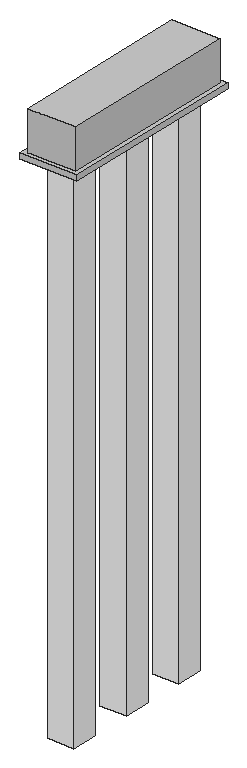
Revit family "BS_FM_Đài Móng - 3 cọc", category Structural Foundations, Revit 2019
Family settings
  Material for Model Behavior = Concrete
  Cap = No
  OmniClass Number = 23.25.05.11
  OmniClass Title = Foundation Piles
  Work Plane-Based = No
  Always vertical = Yes
  Cut with Voids When Loaded = No
  Shared = No
Parameters (values of type "1000 x 1000 x 900mm")
  h_BaoVe [instance] = 120 mm
  a2_BaoVe [instance] = 100 mm
  a1_BaoVe [instance] = 100 mm
  Width = 2 * KhoangCachMepCoc + Diameter  # 1100 mm
  Structural Material [instance] = Concrete, Cast-in-Place gray
  Length = 2 * KhoangCach2TimCoc + 2 * KhoangCachMepCoc + Diameter  # 4100 mm
  KhoangCachMepCoc = 250 mm
  KhoangCach2TimCoc = HeSoCoc * Diameter  # 1500 mm
  HeSoCoc = 2.5
  Foundation Thickness = 900 mm
  Diameter = 600 mm
  Depth = 12000 mm
  Cut-off = 150 mm
  BS_Cọc Vuông = yes
  BS_Cọc Tròn = no
  BS_BeTongMong = @BS-BeTongCotThep
  BS_BeTongLot = @BS-BeTong
  BS_BeTongCoc = Steel, 45-345
  Assembly Code = "A1010130"
Reference planes
  plane 1 "Center (Front/Back)": y = 0
  plane 2: z = 0
  plane 3 "Center (Left/Right)": x = 0
  plane 4: x = -550
  plane 5: x = 550
  plane 6: y = 2050
  plane 7: y = -2050
  plane 8: z = -900
  plane 9: z = -750
  plane 10: z = -1020
  plane 11: y = 1500
  plane 12: y = -1500
Forms (mm)
  Extrusion 1, solid, material "@BS-BeTongCotThep" <- "BS_BeTongMong"
    sketch origin (0, 0, 0) x (1, 0, 0) y (0, 1, 0)
      loop
        line (-550, 2050) -> (-550, -2050) -> (550, -2050) -> (550, 2050) -> (-550, 2050)
    from -900 to 0
  Extrusion 2, solid, material "@BS-BeTong" <- "BS_BeTongLot"
    sketch origin (0, 0, 0) x (1, 0, 0) y (0, 1, 0)
      loop
        line (-650, 2150) -> (-650, -2150) -> (650, -2150) -> (650, 2150) -> (-650, 2150)
    from -1020 to -900
Dimensions and locks
  "Width": plane 4 to plane 5
  equal spacing: plane 4, plane 3 "Center (Left/Right)", plane 5
  "Foundation Thickness": plane 2 to plane 8
  "Cut-off": plane 9 to plane 8
  "a2_BaoVe": plane 7 to Extrusion 2 sketch curve
  "a2_BaoVe": Extrusion 2 sketch curve to plane 6
  "a1_BaoVe": Extrusion 2 sketch curve to plane 4
  "a1_BaoVe": Extrusion 1 to Extrusion 2 sketch curve
  "h_BaoVe": plane 10 to plane 8
  equal spacing: plane 11, plane 1 "Center (Front/Back)", plane 12
  equal spacing: plane 7, plane 1 "Center (Front/Back)", plane 6
  "Length": plane 6 to plane 7
  "KhoangCach2TimCoc": plane 1 "Center (Front/Back)" to plane 11
  aligned and locked: Extrusion 1 sketch curve to plane 4
  aligned and locked: Extrusion 1 sketch curve to plane 5
  aligned and locked: Extrusion 1 sketch curve to plane 6
  aligned and locked: plane 7 to Extrusion 1 sketch curve
  aligned and locked: level to Extrusion 1
  aligned and locked: Extrusion 1 to plane 8
  aligned and locked: Extrusion 2 to Extrusion 1
  aligned and locked: Extrusion 2 to plane 10
  aligned and locked: nested 1 to plane 11
  aligned and locked: plane 3 "Center (Left/Right)" to nested 1
  aligned and locked: nested 2 to plane 12
  aligned and locked: nested 2 to plane 3 "Center (Left/Right)"
  aligned and locked: nested 4 to plane 12
  aligned and locked: nested 3 to plane 11
  aligned and locked: plane 3 "Center (Left/Right)" to nested 3
  aligned and locked: nested 4 to plane 3 "Center (Left/Right)"
  aligned and locked: plane 8 to nested 3
  aligned and locked: plane 8 to nested 1
  aligned and locked: plane 8 to nested 4
  aligned and locked: plane 8 to nested 2
  aligned and locked: plane 1 "Center (Front/Back)" to nested 5
  aligned and locked: plane 3 "Center (Left/Right)" to nested 5
  aligned and locked: plane 1 "Center (Front/Back)" to nested 6
  aligned and locked: plane 3 "Center (Left/Right)" to nested 6
  aligned and locked: plane 8 to nested 6
  aligned and locked: plane 8 to nested 5
Nested families
  nested 1: "BS_FM_Pile-Cọc Tròn" at (0, 1500, -900), Minimum Embedment <- "Cut-off", Diameter <- "Diameter", Depth <- "Depth", Structural Material <- "BS_BeTongCoc", visible <- "BS_Cọc Tròn", type "300mm Diameter"
    with Structural Material Steel, 45-345, Radius 300 mm, Minimum Embedment 150 mm, Diameter 600 mm, Depth 12000 mm
  nested 2: "BS_FM_Pile-Cọc Tròn" at (0, -1500, -900), Minimum Embedment <- "Cut-off", Diameter <- "Diameter", Depth <- "Depth", Structural Material <- "BS_BeTongCoc", visible <- "BS_Cọc Tròn", type "300mm Diameter"
    with Structural Material Steel, 45-345, Radius 300 mm, Minimum Embedment 150 mm, Diameter 600 mm, Depth 12000 mm
  nested 3: "BS_FM_Pile-Cọc Vuông" at (0, 1500, -900), Minimum Embedment <- "Cut-off", Diameter <- "Diameter", Depth <- "Depth", Structural Material <- "BS_BeTongCoc", visible <- "BS_Cọc Vuông", type "250mm Diameter"
    with Structural Material Steel, 45-345, Radius 300 mm, Minimum Embedment 150 mm, Diameter 600 mm, Depth 12000 mm
  nested 4: "BS_FM_Pile-Cọc Vuông" at (0, -1500, -900), Minimum Embedment <- "Cut-off", Diameter <- "Diameter", Depth <- "Depth", Structural Material <- "BS_BeTongCoc", visible <- "BS_Cọc Vuông", type "250mm Diameter"
    with Structural Material Steel, 45-345, Radius 300 mm, Minimum Embedment 150 mm, Diameter 600 mm, Depth 12000 mm
  nested 5: "BS_FM_Pile-Cọc Vuông" at (0, 0, -900), Minimum Embedment <- "Cut-off", Diameter <- "Diameter", Depth <- "Depth", Structural Material <- "BS_BeTongCoc", visible <- "BS_Cọc Vuông", type "250mm Diameter"
    with Structural Material Steel, 45-345, Radius 300 mm, Minimum Embedment 150 mm, Diameter 600 mm, Depth 12000 mm
  nested 6: "BS_FM_Pile-Cọc Tròn" at (0, 0, -900), Minimum Embedment <- "Cut-off", Diameter <- "Diameter", Depth <- "Depth", Structural Material <- "BS_BeTongCoc", visible <- "BS_Cọc Tròn", type "300mm Diameter"
    with Structural Material Steel, 45-345, Radius 300 mm, Minimum Embedment 150 mm, Diameter 600 mm, Depth 12000 mm
Definition of nested family "BS_FM_Pile-Cọc Tròn"
  Parameters (values of type "600mm Diameter")
    Structural Material [instance] = none
    Radius [instance] = Diameter / 2  # 300 mm
    Minimum Embedment [instance] = 152 mm
    Diameter [instance] = 600 mm
    Depth [instance] = 6000 mm
    Assembly Code = "A1020130"
  Types (4): name
    600mm Diameter
    300mm Diameter
    400mm Diameter
    500mm Diameter
  Reference planes
    plane 1 "Center (Front/Back)": y = 0
    plane 2: z = 0
    plane 3 "Center (Left/Right)": x = 0
    plane 4: z = -6000
    plane 5: z = 152
  Forms (mm)
    Extrusion 1, solid, material <- "Structural Material"
      sketch origin (0, 0, 0) x (1, 0, 0) y (0, 1, 0)
        loop
          circle (0, 0) r 300
      from -6000 to 152
  Dimensions and locks
    "Depth": plane 2 to plane 4
    "Minimum Embedment": plane 5 to plane 2
    "Radius": radius of Extrusion 1 sketch curve
    aligned and locked: Extrusion 1 to plane 4
    aligned and locked: Extrusion 1 to plane 5
    aligned and locked: plane 1 "Center (Front/Back)" to nested 1
    aligned and locked: plane 3 "Center (Left/Right)" to nested 1
  Automatic sketch dimensions
    plane 1 "Center (Front/Back)" to Extrusion 1 sketch curve = 0 mm
    Extrusion 1 sketch curve to plane 3 "Center (Left/Right)" = 0 mm
  Nested families
    nested 1: "BS_LINE_TimCoc" at (0, 0, 0), type "BS_LINE_TimCoc"
      with LINE 700 mm, DK 600 mm
  Definition of nested family "BS_LINE_TimCoc"
    Parameters (values of type "BS_LINE_TimCoc")
      LINE = DK + 100 mm  # 780 mm
      DK = 680 mm
    Reference planes
      plane 1 "Center (Front/Back)": y = 0
      plane 2: z = 0
      plane 3 "Center (Left/Right)": x = 0
    Lines and regions (mm)
      detail lines, in view "Ref. Level", not visible
        curve 1: circle (0, 0, 0) r 340 normal (0, 0, 1)
      detail lines, in view "Ref. Level"
        curve 2: line (-390, 0, 0) -> (390, 0, 0)
        curve 3: line (0, 390, 0) -> (0, -390, 0)
    Dimensions and locks
      equal spacing: curve 2, plane 3 "Center (Left/Right)", curve 2
      equal spacing: curve 3, plane 1 "Center (Front/Back)", curve 3
      "LINE": curve 3 to curve 3
      "LINE": curve 2 to curve 2
      "DK": diameter of curve 1
    Automatic sketch dimensions
      curve 3 to plane 3 "Center (Left/Right)" = 0 mm
      plane 1 "Center (Front/Back)" to curve 1 = 0 mm
      curve 1 to plane 3 "Center (Left/Right)" = 0 mm
      plane 1 "Center (Front/Back)" to curve 2 = 0 mm
Definition of nested family "BS_FM_Pile-Cọc Vuông"
  Parameters (values of type "600mm Diameter")
    Structural Material [instance] = none
    Radius [instance] = Diameter / 2  # 125 mm
    Minimum Embedment [instance] = 150 mm
    Diameter [instance] = 250 mm
    Depth [instance] = 6000 mm
    Assembly Code = "A1020130"
  Types (6, lengths in mm): name | Radius | Diameter
    600mm Diameter | 125 | 250
    200mm Diameter | 300 | 600
    250mm Diameter | 300 | 600
    300mm Diameter | 300 | 600
    400mm Diameter | 300 | 600
    500mm Diameter | 300 | 600
  Reference planes
    plane 1 "Center (Front/Back)": y = 0
    plane 2: z = 0
    plane 3 "Center (Left/Right)": x = 0
    plane 4: z = -6000
    plane 5: z = 150
  Forms (mm)
    Extrusion 1, solid, material <- "Structural Material"
      sketch origin (0, 0, 0) x (1, 0, 0) y (0, 1, 0)
        loop
          line (-125, -125) -> (125, -125) -> (125, 125) -> (-125, 125) -> (-125, -125)
      from -6000 to 150
  Dimensions and locks
    "Depth": plane 2 to plane 4
    "Minimum Embedment": plane 5 to plane 2
    equal spacing: Extrusion 1 sketch curve, plane 3 "Center (Left/Right)", Extrusion 1 sketch curve
    "Diameter": Extrusion 1 sketch curve to Extrusion 1 sketch curve  (x2)
    equal spacing: Extrusion 1 sketch curve, plane 1 "Center (Front/Back)", Extrusion 1 sketch curve
    aligned and locked: Extrusion 1 to plane 4
    aligned and locked: Extrusion 1 to plane 5
    aligned and locked: plane 3 "Center (Left/Right)" to nested 1
    aligned and locked: plane 1 "Center (Front/Back)" to nested 1  (x2)
    aligned and locked: nested 1 to plane 3 "Center (Left/Right)"
  Nested families
    nested 1: "BS_Line_TimCoc" at (0, 0, 0), type "BS_Line_TimCoc"
      with LINE 350 mm, DK 250 mm
  Definition of nested family "BS_Line_TimCoc"
    Parameters (values of type "BS_Line_TimCoc")
      LINE = DK + 100 mm  # 780 mm
      DK = 680 mm
    Reference planes
      plane 1 "Center (Front/Back)": y = 0
      plane 2: z = 0
      plane 3 "Center (Left/Right)": x = 0
    Lines and regions (mm)
      detail lines, in view "Ref. Level", not visible
        curve 1: circle (0, 0, 0) r 340 normal (0, 0, 1)
      detail lines, in view "Ref. Level"
        curve 2: line (-390, 0, 0) -> (390, 0, 0)
        curve 3: line (0, 390, 0) -> (0, -390, 0)
    Dimensions and locks
      equal spacing: curve 2, plane 3 "Center (Left/Right)", curve 2
      equal spacing: curve 3, plane 1 "Center (Front/Back)", curve 3
      "LINE": curve 3 to curve 3
      "LINE": curve 2 to curve 2
      "DK": diameter of curve 1
    Automatic sketch dimensions
      curve 3 to plane 3 "Center (Left/Right)" = 0 mm
      plane 1 "Center (Front/Back)" to curve 1 = 0 mm
      curve 1 to plane 3 "Center (Left/Right)" = 0 mm
      plane 1 "Center (Front/Back)" to curve 2 = 0 mm
